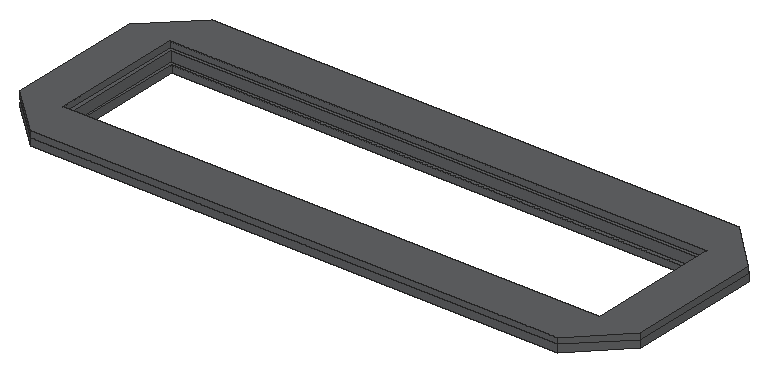
Revit family "Abdeckplatte für Universalträger UT4, Modul 45-Einbauöffnung, 208", category Generic Models, Revit 2015
Parameters (values of type "UT4 P4")
  Width = 76 mm
  URL = "http://www.obo-bettermann.com"
  Material = OBO PA
  Manufacturer Art.No. = "7408763"
  Manufacturer = "OBO Bettermann"
  Length = 208 mm
  Height 1 = 2 mm
  Height = 4.5 mm
  GTIN = "4012196435340"
  Article Type = "UT4 P4"
Reference planes
  plane 1 "Center (Front/Back)": y = 0
  plane 2: z = 0
  plane 3 "Center (Left/Right)": x = 0
  plane 4: z = -2
  plane 5: z = -4.5
  plane 6: z = -5.25
  plane 7: z = -7.75
Forms (mm)
  Extrusion 1, solid, material "OBO PA" <- "Material"
    sketch origin (0, 0, 0) x (1, 0, 0) y (0, 1, 0)
      loop
        line (88.433, 38) -> (-88.417, 38) -> (-103.98, 23) -> (-103.98, -23) -> (-88.417, -38) -> (88.433, -38) -> (104.02, -22.413) -> (104.02, 22.6) -> (88.433, 38)
      loop
        line (-90.15, 22.55) -> (-90.15, -22.55) -> (90.15, -22.55) -> (90.15, 22.55) -> (-90.15, 22.55)
    from -2 to 0
  Extrusion 2, solid, material "OBO PA" <- "Material"
    sketch origin (0, 0, 0) x (1, 0, 0) y (0, 1, 0)
      loop
        line (88.433, 38) -> (-88.417, 38) -> (-103.98, 23) -> (-103.98, -23) -> (-88.417, -38) -> (88.433, -38) -> (104.02, -22.413) -> (104.02, 22.6) -> (88.433, 38)
      loop
        line (87.407, 35.5) -> (-87.408, 35.5) -> (-101.48, 21.937) -> (-101.48, -21.937) -> (-87.408, -35.5) -> (87.398, -35.5) -> (101.52, -21.378) -> (101.52, 21.556) -> (87.407, 35.5)
    from -2 to -4.5
  Extrusion 3, solid, material "OBO PA" <- "Material"
    sketch origin (0, 0, 0) x (1, 0, 0) y (0, 1, 0)
      loop
        line (-91.65, 24.075) -> (-91.65, -24.075) -> (91.65, -24.075) -> (91.65, 24.075) -> (-91.65, 24.075)
      loop
        line (-88.65, 21.075) -> (-88.65, -21.075) -> (88.65, -21.075) -> (88.65, 21.075) -> (-88.65, 21.075)
    from -2 to -5.25
  Extrusion 4, solid, material "OBO PA" <- "Material"
    sketch origin (0, 0, 0) x (1, 0, 0) y (0, 1, 0)
      loop
        line (-89.7, 22.1) -> (-89.7, -22.1) -> (89.7, -22.1) -> (89.7, 22.1) -> (-89.7, 22.1)
      loop
        line (-87.7, 20.1) -> (-87.7, -20.1) -> (87.7, -20.1) -> (87.7, 20.1) -> (-87.7, 20.1)
    from -5.25 to -7.75
Dimensions and locks
  locked: Extrusion 1 sketch curve to Extrusion 1 sketch curve at 180.3
  equal spacing: Extrusion 1 sketch curve, plane 3 "Center (Left/Right)", Extrusion 1 sketch curve, locked at 90.15 each
  locked: Extrusion 1 sketch curve to Extrusion 1 sketch curve at 45.1
  equal spacing: Extrusion 1 sketch curve, plane 1 "Center (Front/Back)", Extrusion 1 sketch curve, locked at 22.55 each
  "Height": level to plane 5
  "Height 1": level to plane 4
  locked: Extrusion 3 sketch curve to Extrusion 3 sketch curve at 183.3
  equal spacing: Extrusion 3 sketch curve, plane 3 "Center (Left/Right)", Extrusion 3 sketch curve, locked at 91.65 each
  locked: Extrusion 3 sketch curve to Extrusion 3 sketch curve at 48.15
  equal spacing: Extrusion 3 sketch curve, plane 1 "Center (Front/Back)", Extrusion 3 sketch curve, locked at 24.075 each
  locked: Extrusion 3 sketch curve to Extrusion 3 sketch curve at 3  (x4)
  locked: plane 5 to plane 6 at 0.75
  locked: Extrusion 4 sketch curve to Extrusion 4 sketch curve at 179.4
  equal spacing: Extrusion 4 sketch curve, plane 3 "Center (Left/Right)", Extrusion 4 sketch curve, locked at 89.7 each
  locked: Extrusion 4 sketch curve to Extrusion 4 sketch curve at 44.2
  equal spacing: Extrusion 4 sketch curve, plane 1 "Center (Front/Back)", Extrusion 4 sketch curve, locked at 22.1 each
  locked: Extrusion 4 sketch curve to Extrusion 4 sketch curve at 2  (x4)
  locked: level to plane 7 at 7.75
  aligned and locked: level to plane 2
  aligned and locked: Extrusion 1 to plane 4
  aligned and locked: level to Extrusion 1
  aligned and locked: Extrusion 2 to plane 4
  aligned and locked: Extrusion 2 to plane 5
  aligned and locked: Extrusion 3 to plane 4
  aligned and locked: Extrusion 3 to plane 6
  aligned and locked: Extrusion 3 to Extrusion 4
  aligned and locked: Extrusion 4 to plane 7
Automatic sketch dimensions
  plane 1 "Center (Front/Back)" to Extrusion 1 sketch curve = 23 mm
  Extrusion 1 sketch curve to Extrusion 1 sketch curve = 13.83 mm
  plane 1 "Center (Front/Back)" to Extrusion 1 sketch curve = 38 mm
  Extrusion 1 sketch curve to Extrusion 1 sketch curve = 1.733 mm  (x2)
  Extrusion 1 sketch curve to Extrusion 1 sketch curve = 1.717 mm  (x2)
  Extrusion 1 sketch curve to plane 1 "Center (Front/Back)" = 38 mm
  Extrusion 1 sketch curve to Extrusion 1 sketch curve = 13.87 mm
  Extrusion 1 sketch curve to Extrusion 1 sketch curve = 0.137 mm
  Extrusion 1 sketch curve to Extrusion 1 sketch curve = 0.05 mm
  Extrusion 1 sketch curve to Extrusion 1 sketch curve = 0.45 mm
  plane 1 "Center (Front/Back)" to Extrusion 2 sketch curve = 23 mm
  Extrusion 2 sketch curve to plane 3 "Center (Left/Right)" = 103.98 mm
  plane 1 "Center (Front/Back)" to Extrusion 2 sketch curve = 21.937 mm
  Extrusion 2 sketch curve to Extrusion 2 sketch curve = 2.5 mm  (x3)
  Extrusion 2 sketch curve to Extrusion 2 sketch curve = 13.063 mm  (x2)
  plane 1 "Center (Front/Back)" to Extrusion 2 sketch curve = 35.5 mm
  Extrusion 2 sketch curve to Extrusion 2 sketch curve = 1.009 mm  (x2)
  Extrusion 2 sketch curve to plane 1 "Center (Front/Back)" = 35.5 mm
  plane 3 "Center (Left/Right)" to Extrusion 2 sketch curve = 87.398 mm
  Extrusion 2 sketch curve to Extrusion 2 sketch curve = 0.009 mm
  Extrusion 2 sketch curve to plane 1 "Center (Front/Back)" = 38 mm
  Extrusion 2 sketch curve to Extrusion 2 sketch curve = 1.027 mm
  Extrusion 2 sketch curve to Extrusion 2 sketch curve = 1.036 mm  (x2)
  Extrusion 2 sketch curve to plane 1 "Center (Front/Back)" = 21.556 mm
  Extrusion 2 sketch curve to Extrusion 2 sketch curve = 14.113 mm
  Extrusion 2 sketch curve to Extrusion 2 sketch curve = 13.087 mm
  Extrusion 2 sketch curve to Extrusion 2 sketch curve = 13.563 mm
  Extrusion 2 sketch curve to Extrusion 2 sketch curve = 1.044 mm
  Extrusion 2 sketch curve to Extrusion 2 sketch curve = 1.063 mm
